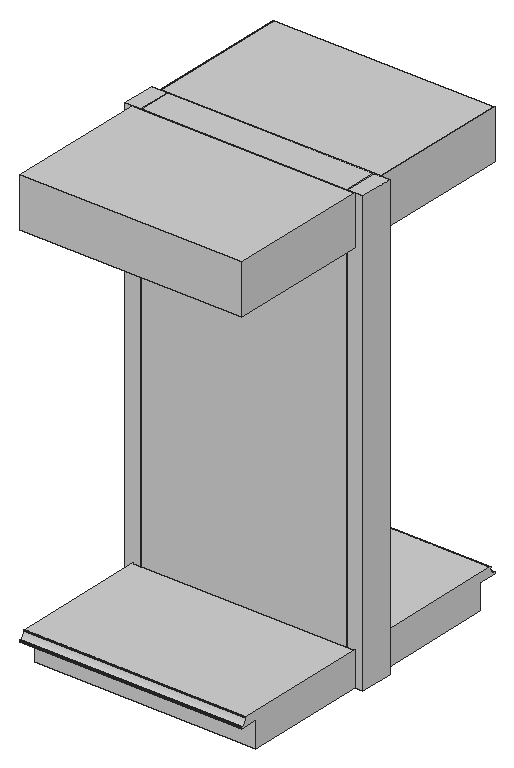
Revit family "CL1", category Specialty Equipment, Revit 2012
Parameters (values of type "Cantilever Storage System Starter (Default)")
  Width = 3' - 0"
  URL = "http://madixinc.com/display/maxiline/core.html"
  Model = "Maxi Line"
  Manufacturer = "© 2012 Madix, Inc. All rights reserved."
  Canopy Height' = 0' - 8"
  "Back" Base Shelf [instance] = yes
  "Back" Canopy [instance] = yes
  "Front" Shelf Depth = 1' - 10"
  "Back" Shelf Depth = 1' - 10"
  Upright Height = 6' - 0"
Reference planes (in)
  plane 1 "Center (Front/Back)": y = 0
  plane 2: z = 0
  plane 3 "Center (Left/Right)": x = 0
  plane 4: y = 2.75
  plane 5: y = -2.75
  plane 6: z = 72
  plane 7: z = 0
  plane 8 "1st shelf": z = 23.5
  plane 9 "2nd shelf": z = 41.5
  plane 10 "3rd shelf": z = 59.5
  plane 11 "4th shelf": z = 77.5
  plane 12: y = -25.625
  plane 13: x = -18
  plane 14: x = 18
  plane 15: x = -17.875
  plane 16: x = 17.875
  plane 17: z = 41.5
  plane 18: y = 25.625
  plane 19: y = 24.75
  plane 20: y = -24.75
  plane 21: z = 64
Forms (in)
  Extrusion 1, solid, material "Metal - Steel"
    sketch origin (-24, 1.375, 0) x (1, 0, 0) y (0, 0, 1)
      loop
        line (6, 0) -> (7.25, 0) -> (42, 0) -> (43.25, 0) -> (43.25, 72) -> (40.75, 72) -> (40.75, 0.03125) -> (40.71924, 0.03125) -> (40.71924, 72) -> (7.2815, 72) -> (7.2815, 0.03125) -> (7.25, 0.03125) -> (7.25, 72) -> (4.75, 72) -> (4.75, 0) -> (6, 0)
    from -1.375 to 4.125
  Extrusion 2, solid, material "Metal - Steel"
    sketch origin (0, -1.375, 0) x (0, 1, 0) y (0, 0, 1)
      loop
        line (-1.375, 0) -> (-1.375, 5.5) -> (-23.375, 5.5) -> (-23.50139, 5.5) -> (-23.50139, 5.375) -> (-23.375, 5.375)
        arc (-23.375, 5.375) -> (-23.63696, 4.73714) -> (-24.125, 4.25) r 1.75
        line (-24.125, 4.25) -> (-24.125, 4.375) -> (-24.25, 4.375) -> (-24.25, 4.25) -> (-24.25, 4.125) -> (-21.375, 4.125) -> (-21.375, 0) -> (-1.375, 0)
    from -18 to 18
  Extrusion 3, solid, material "Metal - Steel", visible <- ""Back" Base Shelf"
    sketch origin (0, 1.375, 0) x (0, -1, 0) y (0, 0, -1)
      loop
        line (-1.375, 0) -> (-21.375, 0) -> (-21.375, -4.125) -> (-24.25, -4.125) -> (-24.25, -4.25) -> (-24.25, -4.375) -> (-24.125, -4.375) -> (-24.125, -4.25)
        arc (-24.125, -4.25) -> (-23.63696, -4.73714) -> (-23.375, -5.375) r 1.75
        line (-23.375, -5.375) -> (-23.50139, -5.375) -> (-23.50139, -5.5) -> (-23.375, -5.5) -> (-1.375, -5.5) -> (-1.375, 0)
    from -18 to 18
  Extrusion 4, solid, material "Metal - Steel"
    sketch origin (0, 0, 0) x (0, 1, 0) y (0, 0, 1)
      loop
        line (-2.75, 72) -> (-25.625, 72) -> (-25.625, 64) -> (-24.75, 64) -> (-24.75, 71) -> (-2.75, 71) -> (-2.75, 72)
    from -17.875 to 17.875
  Extrusion 5, solid, material "Metal - Steel"
    sketch origin (0, 0, 0) x (0, 1, 0) y (0, 0, 1)
      loop
        line (-2.75, 72) -> (-25.625, 72) -> (-25.625, 64) -> (-2.75, 64) -> (-2.75, 72)
    from -18 to -17.875
  Extrusion 6, solid, material "Metal - Steel"
    sketch origin (0, 0, 0) x (0, 1, 0) y (0, 0, -1)
      loop
        line (-2.75, -72) -> (-2.75, -64) -> (-25.625, -64) -> (-25.625, -72) -> (-2.75, -72)
    from -18 to -17.875
  Extrusion 7, solid, material "Metal - Steel", visible <- ""Back" Canopy"
    sketch origin (0, 0, 0) x (0, -1, 0) y (0, 0, -1)
      loop
        line (-2.75, -72) -> (-2.75, -71) -> (-24.75, -71) -> (-24.75, -64) -> (-25.625, -64) -> (-25.625, -72) -> (-2.75, -72)
    from -17.875 to 17.875
  Extrusion 8, solid, material "Metal - Steel", visible <- ""Back" Canopy"
    sketch origin (0, 0, 0) x (0, -1, 0) y (0, 0, -1)
      loop
        line (-2.75, -72) -> (-2.75, -64) -> (-25.625, -64) -> (-25.625, -72) -> (-2.75, -72)
    from -18 to -17.875
  Extrusion 9, solid, material "Metal - Steel", visible <- ""Back" Canopy"
    sketch origin (0, 0, 0) x (0, -1, 0) y (0, 0, 1)
      loop
        line (-2.75, 72) -> (-25.625, 72) -> (-25.625, 64) -> (-2.75, 64) -> (-2.75, 72)
    from -18 to -17.875
Cuts and joins
  joined: Extrusion 4, Extrusion 5, Extrusion 6
Lines and regions (in)
  Split face 1
    outline origin (-24, -2.75, 0) x (1, 0, 0) y (0, 0, 1)
      loop
        line (7.2815, 72) -> (7.2815, 0.03125) -> (40.71924, 0.03125) -> (40.71924, 72)
  Split face 2
    outline origin (-24, 2.75, 0) x (1, 0, 0) y (0, 0, 1)
      loop
        line (40.71924, 72) -> (40.71924, 0.03125) -> (7.2815, 0.03125) -> (7.2815, 72)
Dimensions and locks (in)
  "Upright Height": plane 6 to level
  ""Front" Shelf Depth": plane 20 to plane 5
  equal spacing: plane 13, plane 3 "Center (Left/Right)", plane 14
  "Width": plane 13 to plane 14
  locked: plane 13 to plane 15 at 0.125
  locked: plane 16 to plane 14 at 0.125
  ""Back" Shelf Depth": plane 4 to plane 19
  locked: plane 19 to plane 18 at 0.875
  locked: plane 20 to plane 12 at 0.875
  "Canopy Height'": plane 6 to plane 21
  aligned and locked: level to plane 2
  aligned and locked: plane 12 to Extrusion 2
  aligned and locked: Extrusion 2 to plane 5
  aligned and locked: plane 13 to Extrusion 2
  aligned and locked: plane 14 to Extrusion 2
  aligned and locked: Extrusion 3 to Extrusion 2
  aligned and locked: Extrusion 2 to Extrusion 3
  aligned and locked: plane 13 to Extrusion 3
  aligned and locked: Extrusion 3 to plane 18
  aligned and locked: Extrusion 1 to plane 6  (x2)
  aligned and locked: plane 19 to Extrusion 3
  aligned and locked: plane 20 to Extrusion 2
  aligned and locked: Extrusion 4 to plane 16
  aligned and locked: Extrusion 4 to plane 15
  aligned and locked: Extrusion 5 to Extrusion 2
  aligned and locked: Extrusion 5 to plane 15
  aligned and locked: plane 16 to Extrusion 6
  aligned and locked: Extrusion 6 to Extrusion 2
  aligned and locked: plane 21 to cut or joined group of Extrusion 4, Extrusion 5, Extrusion 6
  aligned and locked: plane 13 to Extrusion 8
  aligned and locked: plane 15 to Extrusion 8
  aligned and locked: Extrusion 7 to plane 15
  aligned and locked: Extrusion 9 to plane 14
  aligned and locked: Extrusion 9 to plane 16
  aligned and locked: Extrusion 7 to plane 16
Automatic sketch dimensions
  Extrusion 1 sketch curve to level = 0' - 0"
  Extrusion 1 sketch curve to plane 6 = 0' - 0"  (x3)
  plane 13 to Extrusion 1 sketch curve = 0' - 0"
  plane 14 to Extrusion 1 sketch curve = 0' - 0"
  plane 13 to Extrusion 1 sketch curve = 0' - 1 1/4"
  plane 15 to Extrusion 1 sketch curve = 0' - 1 1/8"  (x2)
  Extrusion 1 sketch curve to Extrusion 1 sketch curve = 0' - 0.0315"
  plane 16 to Extrusion 1 sketch curve = 0' - 1.15576"
  Extrusion 1 sketch curve to Extrusion 1 sketch curve = 0' - 0.03076"
  Extrusion 1 sketch curve to plane 14 = 0' - 1 1/4"
  level to Extrusion 1 sketch curve = 0' - 0 1/32"  (x2)
  Extrusion 2 sketch curve to plane 12 = 0' - 0"
  Extrusion 2 sketch curve to plane 20 = 0' - 0"  (x2)
  Extrusion 2 sketch curve to level = 0' - 0"
  Extrusion 2 sketch curve to plane 5 = 0' - 0"
  Extrusion 2 sketch curve to plane 12 = 0' - 0.84305"
  Extrusion 2 sketch curve to Extrusion 2 sketch curve = 0' - 0 1/8"  (x5)
  Extrusion 2 sketch curve to plane 20 = 0' - 0.12639"
  plane 20 to Extrusion 2 sketch curve = 0' - 2"
  level to Extrusion 2 sketch curve = 0' - 4 1/8"
  Extrusion 2 sketch curve to Extrusion 2 sketch curve = 0' - 1"
  Split face 1 sketch curve to Extrusion 1 = 0' - 0"  (x4)
  Extrusion 1 to Split face 1 sketch curve = 0' - 0"
  Extrusion 3 sketch curve to plane 18 = 0' - 0"
  Extrusion 3 sketch curve to plane 19 = 0' - 0"  (x2)
  Extrusion 3 sketch curve to level = 0' - 0"
  Extrusion 3 sketch curve to plane 4 = 0' - 0"
  plane 18 to Extrusion 3 sketch curve = 0' - 0.84305"
  Extrusion 3 sketch curve to plane 18 = 0' - 0 1/8"
  plane 19 to Extrusion 3 sketch curve = 0' - 0.12639"
  Extrusion 3 sketch curve to plane 19 = 0' - 2"
  Extrusion 3 sketch curve to level = 0' - 4 1/8"
  Extrusion 3 sketch curve to Extrusion 3 sketch curve = 0' - 0 1/8"  (x3)
  Extrusion 3 sketch curve to Extrusion 3 sketch curve = 0' - 0"
  Extrusion 3 sketch curve to Extrusion 3 sketch curve = 0' - 1"
  Split face 2 sketch curve to Extrusion 1 = 0' - 0"  (x4)
  Extrusion 1 to Split face 2 sketch curve = 0' - 0"
  plane 6 to Extrusion 4 sketch curve = 0' - 0"
  Extrusion 4 sketch curve to plane 12 = 0' - 0"
  Extrusion 4 sketch curve to plane 20 = 0' - 0"
  Extrusion 4 sketch curve to plane 5 = 0' - 0"
  plane 21 to Extrusion 4 sketch curve = 0' - 0"
  Extrusion 4 sketch curve to Extrusion 4 sketch curve = 0' - 1"
  plane 6 to Extrusion 5 sketch curve = 0' - 0"
  Extrusion 5 sketch curve to plane 12 = 0' - 0"
  Extrusion 5 sketch curve to plane 5 = 0' - 0"
  plane 21 to Extrusion 5 sketch curve = 0' - 0"
  plane 6 to Extrusion 6 sketch curve = 0' - 0"
  Extrusion 6 sketch curve to plane 12 = 0' - 0"
  Extrusion 6 sketch curve to plane 5 = 0' - 0"
  plane 21 to Extrusion 6 sketch curve = 0' - 0"
  plane 6 to Extrusion 7 sketch curve = 0' - 0"
  Extrusion 7 sketch curve to plane 18 = 0' - 0"
  Extrusion 7 sketch curve to plane 19 = 0' - 0"
  Extrusion 7 sketch curve to plane 4 = 0' - 0"
  plane 21 to Extrusion 7 sketch curve = 0' - 0"
  Extrusion 7 sketch curve to Extrusion 7 sketch curve = 0' - 1"
  plane 6 to Extrusion 8 sketch curve = 0' - 0"
  Extrusion 8 sketch curve to plane 18 = 0' - 0"
  Extrusion 8 sketch curve to plane 4 = 0' - 0"
  plane 21 to Extrusion 8 sketch curve = 0' - 0"
  plane 6 to Extrusion 9 sketch curve = 0' - 0"
  Extrusion 9 sketch curve to plane 18 = 0' - 0"
  Extrusion 9 sketch curve to plane 4 = 0' - 0"
  plane 21 to Extrusion 9 sketch curve = 0' - 0"
